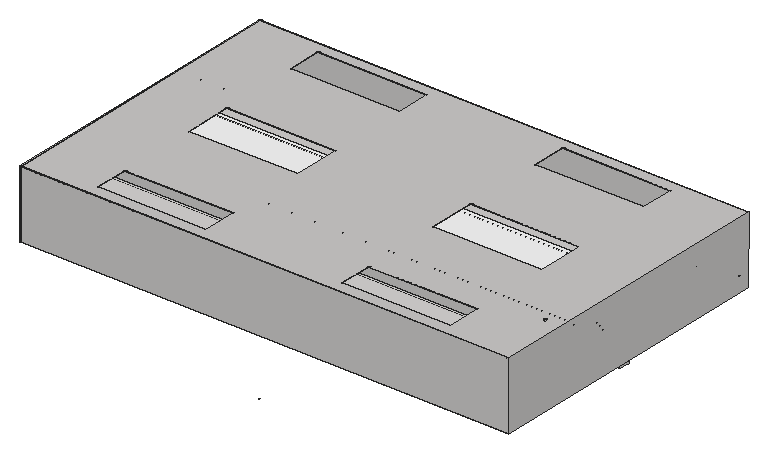
Revit family "QF_ELECTROLUXPROFESSIONAL_641270_STCF2236", category Attrezzature speciali, Revit 2021
Family settings
  Quota connettore circolare = Usa diametro
  Tipo di parte = Normale
  Basato su piano di lavoro = No
  Sempre verticale = Sì
  Taglio con vuoti quando caricato = No
  Condiviso = No
  Punto di calcolo locali = No
Parameters (values of type "Standard")
  Weight = 276.00 kg
  Watts = 640 W
  Volts = 220 V
  URL Manufacturer = "https://www.electroluxprofessional.com/"
  URL = "https://www.electroluxprofessional.com/"
  Steam Supply Size = 0 mm
  Steam Supply Minimum Pressure = 0.0 Pa
  Steam Supply Maximum Pressure = 0.0 Pa
  Steam Consumption per Hour = 0
  Refrigeration Suction Line Size = 0 mm
  Refrigeration Liquid Line Size = 0 mm
  Refrigerant Compressor Remote = yes
  Prospetto di default = 0 mm
  Produttore = "Electrolux Professional"
  Phase = 1
  Modello = "STCF2236"
  Length Actual = 3600 mm  # constant formula
  Item Number = "641270"
  Hot Water Size = 0 mm
  Height Actual = 500 mm  # constant formula
  HP = "0.9 HP"
  Gas Size = 0 mm
  Gas KW = 0
  Gas Input Pressure = 0 W
  Direct Waste Size = 0 mm
  Descrizione = "304 S/S ISLAND HOOD+FILT.+LAMP 3600X2200"
  Depth Actual = 2200 mm  # constant formula
  Cycle = 50 Hz
  Condensate Return Size = 0 mm
  Compressed Air Volume = 0.0 L/s
  Compressed Air Size = 0 mm
  Compressed Air Pressure = 0.0 Pa
  Cold Water Size = 0 mm
  Accessory = yes
Reference planes
  plane 1: z = 0
  plane 2 "Center (Left/Right)": x = 150
  plane 3 "LEFT": x = -1650
  plane 4 "RIGHT": x = 1950
  plane 5 "BACK": y = 550
  plane 6 "TOP": z = 2500
  plane 7 "Base": z = 2000
  plane 8: z = 1955
  plane 9: x = -1647
  plane 10 "DrainX": x = 1830
  plane 11 "AOLeft2": x = -350
  plane 12 "AORight1": x = 650
  plane 13: x = 1947
  plane 14: x = -1450
  plane 15: x = 1750
  plane 16 "Center (Front/Back)": y = -550
  plane 17 "Front": y = -1650
  plane 18 "AOLeft1": x = -1150
  plane 19 "AORight2": x = 1450
  plane 20 "EI_y": y = -1170
  plane 21 "EIx": x = 1830
  plane 22: y = 464
  plane 23: y = 214
  plane 24: y = -1564
  plane 25: y = -1314
  plane 26: y = -375
  plane 27: y = -725
Forms (mm)
  Extrusion 1, solid, material "QF_Finishes_Stainless Steel"
    sketch origin (-1650, 0, 360) x (0, 1, 0) y (0, 0, 1)
      loop
        line (550, 1640) -> (550, 2140) -> (-1650, 2140) -> (-1650, 1640) -> (550, 1640)
    from 0 to 3
  Extrusion 2, solid, material "QF_Finishes_Stainless Steel"
    sketch origin (1950, 0, 360) x (0, 1, 0) y (0, 0, 1)
      loop
        line (550, 1640) -> (550, 2140) -> (-1650, 2140) -> (-1650, 1640) -> (550, 1640)
    from 0 to -3
  Extrusion 3, solid, material "QF_Finishes_Stainless Steel"
    sketch origin (150, 0, 360) x (0, 1, 0) y (0, 0, 1)
      loop
        line (-1650, 2140) -> (-1650, 1640) -> (-1640, 1640) -> (-1640, 1640.8) -> (-1649.2, 1640.8) -> (-1649.2, 2139.19) -> (549.2, 2139.19) -> (549.2, 1640.8) -> (540, 1640.8) -> (540, 1640) -> (550, 1640) -> (550, 2140) -> (-1650, 2140)
    from -1800 to 1800
  Extrusion 4, solid, material "QF_Finishes_Stainless Steel"
    sketch origin (0, -840, 2000) x (0, 1, 0) y (-1, 0, 0)
      loop
        circle (290, -1830) r 4.763
    from -30 to 0
  Extrusion 5, void
    sketch origin (0, 0, 2500) x (0, 1, 0) y (-1, 0, 0)
      loop
        line (-1564, 350) -> (-1314, 350) -> (-1314, 1150) -> (-1564, 1150) -> (-1564, 350)
    from 0 to -10
  Extrusion 6, solid, material "QF_Finishes_Stainless Steel"
    sketch origin (0, 0, 0) x (1, 0, 0) y (0, 1, 0)
      loop
        line (-1650, 550) -> (-1650, 549) -> (-1649, 549) -> (-1649, 550) -> (-1650, 550)
    from 0 to 1
  Sweep 7, solid, material "QF_Finishes_Stainless Steel"
    path origin (0, 0, 0) x (1, 0, 0) y (0, 1, 0)
      loop
        line (1950, 550) -> (-1650, 550) -> (-1650, -1650) -> (1950, -1650) -> (1950, 550)
    profile origin (1950, -550, 0) x (1, 0, 0) y (0, 0, 1)
      loop
        line (-3, 2000) -> (-3, 2000.8) -> (-19, 2000.8) -> (-19, 2010) -> (-20, 2010) -> (-20, 2000) -> (-3, 2000)
  Extrusion 8, solid, material "QF_Finishes_Stainless Steel"
    sketch origin (150, -636.588, -19.176) x (0, 0.995194, 0.097925) y (0, -0.097925, 0.995194)
      loop
        line (214.66, 2095.469) -> (240.643, 2110.471) -> (61.744, 2411.771) -> (35.948, 2396.455) -> (214.66, 2095.469)
    from -1797 to -1600
  Extrusion 9, void
    sketch origin (1134.605, 0, 2500) x (0, 1, 0) y (-1, 0, 0)
      loop
        line (-1564, -315.395) -> (-1314, -315.395) -> (-1314, 484.605) -> (-1564, 484.605) -> (-1564, -315.395)
    from 0 to -10
  Extrusion 10, solid, material "QF_Finishes_Stainless Steel"
    sketch origin (1830, -840, 0) x (0, 1, 0) y (0, 0, 1)
      loop
        line (339, 2000) -> (241, 2000) -> (241, 1989) -> (248.5, 1989) -> (248.5, 1965)
        arc (248.5, 1965) -> (251.429, 1957.929) -> (258.5, 1955) r 10
        line (258.5, 1955) -> (321.5, 1955)
        arc (321.5, 1955) -> (328.571, 1957.929) -> (331.5, 1965) r 10
        line (331.5, 1965) -> (331.5, 1989) -> (339, 1989) -> (339, 2000)
    from 90 to -90
  Extrusion 11, solid, material "QF_Finishes_Stainless Steel"
    sketch origin (150, -636.588, -19.176) x (0, 0.995194, 0.097925) y (0, -0.097925, 0.995194)
      loop
        line (214.66, 2095.469) -> (240.643, 2110.471) -> (61.744, 2411.771) -> (35.948, 2396.455) -> (214.66, 2095.469)
    from 1600 to 1797
  Extrusion 12, solid, material "QF_Finished_Chrome"
    sketch origin (150, -636.588, -19.176) x (0, 0.995194, 0.097925) y (0, -0.097925, 0.995194)
      loop
        line (214.66, 2095.469) -> (240.643, 2110.471) -> (61.744, 2411.771) -> (35.948, 2396.455) -> (214.66, 2095.469)
    from -1600 to 1600
  Extrusion 13, void
    sketch origin (0, 1180, 2500) x (0, 1, 0) y (-1, 0, 0)
      loop
        line (-1555, 350) -> (-1555, 1150) -> (-1905, 1150) -> (-1905, 350) -> (-1555, 350)
    from 0 to -10
  Extrusion 14, void
    sketch origin (1600, 1180, 2500) x (0, 1, 0) y (-1, 0, 0)
      loop
        line (-1555, 150) -> (-1555, 950) -> (-1905, 950) -> (-1905, 150) -> (-1555, 150)
    from 0 to -10
  Extrusion 15, solid, material "QF_Finishes_Stainless Steel"
    sketch origin (0, 0, 2500) x (0, 1, 0) y (-1, 0, 0)
      loop
        circle (-1170, -1830) r 10
    from 0 to 1.6
  Extrusion 16, solid, material "QF_LAMPS"
    sketch origin (150, -267.149, 218.369) x (0, 0.987229, -0.159309) y (0, 0.159309, 0.987229)
      loop
        line (-1250.105, 1928.62) -> (-1096.231, 2053.226) -> (-1104.529, 2063.269) -> (-1258.575, 1938.524) -> (-1250.105, 1928.62)
    from 1797 to -1797
  Extrusion 17, solid, material "QF_Finishes_Stainless Steel"
    sketch origin (150, 0, 360) x (0, 1, 0) y (0, 0, 1)
      loop
        line (-1650, 2139.19) -> (-1650, 1640) -> (-1586.602, 1640) -> (-1499.146, 1690.493) -> (-1510.058, 1709.394) -> (-1566.564, 1676.77) -> (-1614.704, 1680.982) -> (-1649.2, 1730.248) -> (-1649.2, 2139.19) -> (-1650, 2139.19)
      loop
        line (-1194.054, 1961.505) -> (-1200.838, 1972.631) -> (-1186.477, 1980.7) -> (-1186.477, 2127.391) -> (-1085.664, 2127.391) -> (-1029.871, 2072.95) -> (-1022.281, 2060.013) -> (-919.435, 2120.351) -> (-919.902, 2121.003) -> (-1021.996, 2061.107) -> (-1029.236, 2073.448) -> (-1085.338, 2128.191) -> (-1187.277, 2128.191) -> (-1187.277, 1982.446) -> (-1586.208, 1744.533) -> (-1576.362, 1728.386) -> (-1194.054, 1961.505)
    from -1797 to 1797
  Extrusion 18, void
    sketch origin (0, 814, 2500) x (0, 1, 0) y (-1, 0, 0)
      loop
        line (-600, 350) -> (-350, 350) -> (-350, 1150) -> (-600, 1150) -> (-600, 350)
    from 0 to -10
  Extrusion 19, void
    sketch origin (1134.605, 814, 2500) x (0, 1, 0) y (-1, 0, 0)
      loop
        line (-600, -315.395) -> (-350, -315.395) -> (-350, 484.605) -> (-600, 484.605) -> (-600, -315.395)
    from 0 to -10
  Extrusion 20, solid, material "QF_Finishes_Stainless Steel"
    sketch origin (150, 0, 0) x (0, 1, 0) y (0, 0, 1)
      loop
        line (-628.158, 2087.242) -> (-603.769, 2104.716) -> (-811.314, 2387.05) -> (-835.486, 2369.281) -> (-628.158, 2087.242)
    from -1797 to -1600
  Extrusion 21, solid, material "QF_Finished_Chrome"
    sketch origin (150, 0, 0) x (0, 1, 0) y (0, 0, 1)
      loop
        line (-628.158, 2087.242) -> (-603.769, 2104.716) -> (-811.314, 2387.05) -> (-835.486, 2369.281) -> (-628.158, 2087.242)
    from -1600 to 1600
  Extrusion 22, solid, material "QF_Finishes_Stainless Steel"
    sketch origin (150, -870.88, 319.508) x (0, 0.995194, 0.097925) y (0, -0.097925, 0.995194)
      loop
        line (426.151, 1646.675) -> (483.9, 1640.993) -> (483.982, 1641.83) -> (426.613, 1647.475) -> (371.906, 1742.23) -> (414.858, 1734.657) -> (442.266, 1750.481) -> (442.266, 1765.943) -> (441.466, 1765.943) -> (441.466, 1750.943) -> (414.709, 1735.495) -> (321.153, 1751.991) -> (320.875, 1750.416) -> (371.4, 1741.507) -> (426.151, 1646.675)
      loop
        line (162.878, 2155.907) -> (242.893, 2017.316) -> (245.133, 2018.715) -> (240.13, 2027.381) -> (238.569, 2026.405) -> (163.571, 2156.307) -> (162.878, 2155.907)
    from -1797 to 1797
  Extrusion 23, solid, material "QF_Finishes_Stainless Steel"
    sketch origin (150, -463.412, -19.176) x (0, -0.995194, 0.097925) y (0, -0.097925, -0.995194)
      loop
        line (214.66, -2095.469) -> (35.948, -2396.455) -> (61.744, -2411.771) -> (240.643, -2110.471) -> (214.66, -2095.469)
    from 1600 to 1797
  Extrusion 24, solid, material "QF_Finishes_Stainless Steel"
    sketch origin (150, 0, 0) x (0, 1, 0) y (0, 0, 1)
      loop
        line (-471.842, 2087.242) -> (-264.514, 2369.281) -> (-288.686, 2387.05) -> (-496.231, 2104.716) -> (-471.842, 2087.242)
    from -1797 to -1600
  Extrusion 25, solid, material "QF_Finished_Chrome"
    sketch origin (150, 0, 0) x (0, 1, 0) y (0, 0, 1)
      loop
        line (-471.842, 2087.242) -> (-264.514, 2369.281) -> (-288.686, 2387.05) -> (-496.231, 2104.716) -> (-471.842, 2087.242)
    from -1600 to 1600
  Extrusion 26, solid, material "QF_Finishes_Stainless Steel"
    sketch origin (150, -229.12, 319.508) x (0, -0.995194, 0.097925) y (0, -0.097925, -0.995194)
      loop
        line (426.151, -1646.675) -> (371.4, -1741.507) -> (320.875, -1750.416) -> (321.153, -1751.991) -> (414.709, -1735.495) -> (441.466, -1750.943) -> (441.466, -1765.943) -> (442.266, -1765.943) -> (442.266, -1750.481) -> (414.858, -1734.657) -> (371.906, -1742.23) -> (426.613, -1647.475) -> (483.982, -1641.83) -> (483.9, -1640.993) -> (426.151, -1646.675)
      loop
        line (162.878, -2155.907) -> (163.571, -2156.307) -> (238.569, -2026.405) -> (240.13, -2027.381) -> (245.133, -2018.715) -> (242.893, -2017.316) -> (162.878, -2155.907)
    from -1797 to 1797
  Extrusion 27, solid, material "QF_LAMPS"
    sketch origin (150, -832.851, 218.369) x (0, -0.987229, -0.159309) y (0, 0.159309, -0.987229)
      loop
        line (-1250.105, -1928.62) -> (-1258.575, -1938.524) -> (-1104.529, -2063.269) -> (-1096.231, -2053.226) -> (-1250.105, -1928.62)
    from 1797 to -1797
  Extrusion 28, solid, material "QF_Finishes_Stainless Steel"
    sketch origin (150, -1100, 360) x (0, -1, 0) y (0, 0, -1)
      loop
        line (-1650, -2139.19) -> (-1649.2, -2139.19) -> (-1649.2, -1730.248) -> (-1614.704, -1680.982) -> (-1566.564, -1676.77) -> (-1510.058, -1709.394) -> (-1499.146, -1690.493) -> (-1586.602, -1640) -> (-1650, -1640) -> (-1650, -2139.19)
      loop
        line (-1194.054, -1961.505) -> (-1576.362, -1728.386) -> (-1586.208, -1744.533) -> (-1187.277, -1982.446) -> (-1187.277, -2128.191) -> (-1085.338, -2128.191) -> (-1029.236, -2073.448) -> (-1021.996, -2061.107) -> (-919.902, -2121.003) -> (-919.435, -2120.351) -> (-1022.281, -2060.013) -> (-1029.871, -2072.95) -> (-1085.664, -2127.391) -> (-1186.477, -2127.391) -> (-1186.477, -1980.7) -> (-1200.838, -1972.631) -> (-1194.054, -1961.505)
    from -1797 to 1797
Cuts and joins
  Extrusion 5, Extrusion 9, Extrusion 13, Extrusion 14, Extrusion 18, Extrusion 19 cuts Extrusion 3
  joined: Extrusion 2, Extrusion 3, Sweep 7
Lines and regions (mm)
  symbolic lines, style "SpecialityEquipment", detail levels coarse
    curve 1: line (1950, 550, 2500) -> (-1650, 550, 2500)
    curve 2: line (-1650, 550, 2500) -> (-1650, -1650, 2500)
    curve 3: line (1950, -1650, 2500) -> (1950, 550, 2500)
    curve 4: line (-1650, 550, 0) -> (1950, -1650, 0)
    curve 5: line (1950, 550, 0) -> (-1650, -1650, 0)
    curve 6: line (-1650, -1650, 0) -> (1950, -1650, 0)
  symbolic lines, detail levels coarse
    curve 7: line (-1150, 464, 2500) -> (-350, 464, 2500)
    curve 8: line (-1150, 214, 2500) -> (-1150, 464, 2500)
    curve 9: line (-350, 214, 2500) -> (-1150, 214, 2500)
    curve 10: line (-350, 464, 2500) -> (-350, 214, 2500)
    curve 11: line (650, 464, 2500) -> (1450, 464, 2500)
    curve 12: line (650, 214, 2500) -> (650, 464, 2500)
    curve 13: line (1450, 214, 2500) -> (650, 214, 2500)
    curve 14: line (1450, 464, 2500) -> (1450, 214, 2500)
    curve 15: line (-1150, -375, 2500) -> (-350, -375, 2500)
    curve 16: line (-1150, -725, 2500) -> (-1150, -375, 2500)
    curve 17: line (-350, -725, 2500) -> (-1150, -725, 2500)
    curve 18: line (-350, -375, 2500) -> (-350, -725, 2500)
    curve 19: line (650, -375, 2500) -> (1450, -375, 2500)
    curve 20: line (650, -725, 2500) -> (650, -375, 2500)
    curve 21: line (1450, -725, 2500) -> (650, -725, 2500)
    curve 22: line (1450, -375, 2500) -> (1450, -725, 2500)
    curve 23: line (-1150, -1314, 2500) -> (-350, -1314, 2500)
    curve 24: line (-1150, -1564, 2500) -> (-1150, -1314, 2500)
    curve 25: line (-350, -1564, 2500) -> (-1150, -1564, 2500)
    curve 26: line (-350, -1314, 2500) -> (-350, -1564, 2500)
    curve 27: line (650, -1314, 2500) -> (1450, -1314, 2500)
    curve 28: line (650, -1564, 2500) -> (650, -1314, 2500)
    curve 29: line (1450, -1564, 2500) -> (650, -1564, 2500)
    curve 30: line (1450, -1314, 2500) -> (1450, -1564, 2500)
Dimensions and locks
  plane 3 "LEFT" to plane 4 "RIGHT" = 3600 mm
  equal spacing: plane 3 "LEFT", plane 2 "Center (Left/Right)", plane 4 "RIGHT"
  plane 7 "Base" to plane 8 = 45 mm
  plane 3 "LEFT" to plane 9 = 3 mm
  plane 10 "DrainX" to plane 4 "RIGHT" = 120 mm
  plane 13 to plane 4 "RIGHT" = 3 mm
  plane 3 "LEFT" to plane 14 = 200 mm
  plane 15 to plane 4 "RIGHT" = 200 mm
  locked: plane 11 "AOLeft2" to plane 12 "AORight1" at 1000
  equal spacing: plane 11 "AOLeft2", plane 2 "Center (Left/Right)", plane 12 "AORight1"
  locked: plane 7 "Base" to level at 2000
  locked: plane 6 "TOP" to plane 7 "Base" at 500
  locked: plane 18 "AOLeft1" to plane 11 "AOLeft2" at 800
  locked: plane 12 "AORight1" to plane 19 "AORight2" at 800
  locked: plane 20 "EI_y" to plane 17 "Front" at 480
  locked: plane 21 "EIx" to plane 4 "RIGHT" at 120
  locked: plane 5 "BACK" to plane 22 at 86
  plane 22 to plane 23 = 250 mm
  locked: plane 24 to plane 17 "Front" at 86
  locked: plane 24 to plane 25 at 250
  plane 26 to plane 16 "Center (Front/Back)" = 175 mm
  plane 16 "Center (Front/Back)" to plane 27 = 175 mm
  plane 26 to plane 27 = 350 mm
  locked: plane 5 "BACK" to plane 17 "Front" at 2200
  plane 5 "BACK" to plane 16 "Center (Front/Back)" to plane 17 "Front" = 1100 mm, 1100 mm
  plane 5 "BACK" to plane 17 "Front" = 2200 mm
  aligned and locked: level to plane 1
  aligned and locked: plane 4 "RIGHT" to Extrusion 3
  aligned and locked: Extrusion 3 to plane 3 "LEFT"
  aligned and locked: Extrusion 2 to plane 13
  aligned and locked: Extrusion 8 to plane 9
  aligned and locked: plane 18 "AOLeft1" to Extrusion 5
  aligned and locked: Extrusion 5 to plane 11 "AOLeft2"
  aligned and locked: Extrusion 9 to plane 19 "AORight2"
  aligned and locked: plane 12 "AORight1" to Extrusion 9
  aligned and locked: plane 14 to Extrusion 8
  aligned and locked: plane 15 to Extrusion 11
  aligned and locked: plane 13 to Extrusion 11
  aligned and locked: Extrusion 12 to plane 14
  aligned and locked: Extrusion 12 to plane 15
  aligned and locked: plane 12 "AORight1" to Extrusion 14
  aligned and locked: plane 19 "AORight2" to Extrusion 14
  aligned and locked: Extrusion 13 to plane 18 "AOLeft1"
  aligned and locked: Extrusion 13 to plane 11 "AOLeft2"
  aligned and locked: plane 24 to Extrusion 5
  aligned and locked: Extrusion 5 to plane 25
  aligned and locked: Extrusion 9 to plane 25
  aligned and locked: plane 24 to Extrusion 9
  aligned and locked: Extrusion 18 to plane 18 "AOLeft1"
  aligned and locked: Extrusion 18 to plane 11 "AOLeft2"
  aligned and locked: plane 12 "AORight1" to Extrusion 19
  aligned and locked: plane 19 "AORight2" to Extrusion 19
  aligned and locked: plane 26 to Extrusion 13
  aligned and locked: Extrusion 13 to plane 27
  aligned and locked: plane 26 to Extrusion 14
  aligned and locked: Extrusion 14 to plane 27
  aligned and locked: plane 22 to Extrusion 18
  aligned and locked: Extrusion 18 to plane 23
  aligned and locked: plane 22 to Extrusion 19
  aligned and locked: Extrusion 19 to plane 23
  aligned and locked: Extrusion 17 to plane 9
  aligned and locked: Extrusion 16 to plane 9
  aligned and locked: Extrusion 16 to plane 13
  aligned and locked: Extrusion 17 to plane 13
  aligned and locked: Extrusion 28 to plane 9
  aligned and locked: Extrusion 27 to plane 9
  aligned and locked: Extrusion 26 to plane 9
  aligned and locked: plane 9 to Extrusion 20
  aligned and locked: Extrusion 22 to plane 9
  aligned and locked: plane 14 to Extrusion 20
  aligned and locked: Extrusion 25 to plane 14
  aligned and locked: plane 13 to Extrusion 22
  aligned and locked: plane 13 to Extrusion 26
  aligned and locked: plane 13 to Extrusion 28
  aligned and locked: Extrusion 23 to plane 13
  aligned and locked: plane 13 to Extrusion 27
  aligned and locked: Extrusion 21 to plane 14
  aligned and locked: Extrusion 21 to plane 15
  aligned and locked: plane 15 to Extrusion 23
  aligned and locked: Extrusion 25 to plane 15
  aligned and locked: plane 14 to Extrusion 24
  aligned and locked: Extrusion 24 to plane 9
Automatic sketch dimensions
  curve 6 to plane 3 "LEFT" = 0 mm
  curve 4 to plane 3 "LEFT" = 0 mm
  curve 5 to plane 4 "RIGHT" = 0 mm
  curve 6 to plane 4 "RIGHT" = 0 mm
  curve 4 to plane 17 "Front" = 0 mm
  curve 5 to plane 5 "BACK" = 0 mm
  curve 4 to plane 5 "BACK" = 0 mm
  Extrusion 1 sketch curve to plane 7 "Base" = 0 mm
  Extrusion 1 sketch curve to plane 17 "Front" = 0 mm
  Extrusion 1 sketch curve to plane 5 "BACK" = 0 mm
  Extrusion 1 sketch curve to plane 6 "TOP" = 0 mm
  Extrusion 2 sketch curve to plane 7 "Base" = 0 mm
  Extrusion 2 sketch curve to plane 17 "Front" = 0 mm
  Extrusion 2 sketch curve to plane 5 "BACK" = 0 mm
  Extrusion 2 sketch curve to plane 6 "TOP" = 0 mm
  Extrusion 3 sketch curve to plane 6 "TOP" = 0 mm
  Extrusion 3 sketch curve to plane 17 "Front" = 0 mm
  Extrusion 3 sketch curve to plane 7 "Base" = 0 mm  (x2)
  Extrusion 3 sketch curve to plane 5 "BACK" = 0 mm
  plane 17 "Front" to Extrusion 3 sketch curve = 0.8 mm
  Extrusion 3 sketch curve to Extrusion 3 sketch curve = 9.2 mm
  plane 7 "Base" to Extrusion 3 sketch curve = 0.8 mm  (x2)
  Extrusion 3 sketch curve to plane 5 "BACK" = 10 mm
  Extrusion 3 sketch curve to plane 5 "BACK" = 0.8 mm
  Extrusion 3 sketch curve to plane 6 "TOP" = 0.81 mm
  Extrusion 4 sketch curve to plane 10 "DrainX" = 0 mm
  Extrusion 4 sketch curve to plane 16 "Center (Front/Back)" = 0 mm
  Extrusion 5 sketch curve to plane 18 "AOLeft1" = 0 mm
  plane 24 to Extrusion 5 sketch curve = 0 mm
  Extrusion 5 sketch curve to plane 11 "AOLeft2" = 0 mm
  plane 25 to Extrusion 5 sketch curve = 0 mm
  Extrusion 6 sketch curve to plane 3 "LEFT" = 0 mm
  Extrusion 6 sketch curve to plane 5 "BACK" = 0 mm
  plane 3 "LEFT" to Extrusion 6 sketch curve = 1 mm
  Extrusion 6 sketch curve to Extrusion 6 sketch curve = 1 mm
  Sweep 7 sketch curve to plane 3 "LEFT" = 0 mm
  Sweep 7 sketch curve to plane 4 "RIGHT" = 0 mm
  Sweep 7 sketch curve to plane 17 "Front" = 0 mm
  Sweep 7 sketch curve to plane 5 "BACK" = 0 mm
  profile plane to Sweep 7 sketch curve = 20 mm
  Sweep 7 sketch curve to Sweep 7 sketch curve = 1 mm
  profile plane to Sweep 7 sketch curve = 3 mm
  level to Sweep 7 sketch curve = 2000 mm
  Sweep 7 sketch curve to Sweep 7 sketch curve = 0.8 mm
  Sweep 7 sketch curve to Sweep 7 sketch curve = 9.2 mm
  Extrusion 8 sketch curve to plane 27 = 110.486 mm
  Extrusion 8 sketch curve to plane 6 "TOP" = 130.719 mm
  Extrusion 8 sketch curve to Extrusion 8 sketch curve = 25.795 mm
  Extrusion 8 sketch curve to Extrusion 8 sketch curve = 178.712 mm
  Extrusion 8 sketch curve to Extrusion 8 sketch curve = 25.983 mm
  Extrusion 8 sketch curve to Extrusion 8 sketch curve = 285.985 mm
  Extrusion 8 sketch curve to Extrusion 8 sketch curve = 15.001 mm
  Extrusion 8 sketch curve to Extrusion 8 sketch curve = 15.316 mm
  Extrusion 9 sketch curve to plane 12 "AORight1" = 0 mm
  plane 24 to Extrusion 9 sketch curve = 0 mm
  Extrusion 9 sketch curve to plane 19 "AORight2" = 0 mm
  plane 25 to Extrusion 9 sketch curve = 0 mm
  Extrusion 10 sketch curve to plane 8 = 0 mm
  Extrusion 10 sketch curve to plane 7 "Base" = 11 mm  (x2)
  Extrusion 10 sketch curve to plane 16 "Center (Front/Back)" = 49 mm
  Extrusion 10 sketch curve to Extrusion 10 sketch curve = 7.5 mm  (x2)
  plane 8 to Extrusion 10 sketch curve = 10 mm
  plane 16 "Center (Front/Back)" to Extrusion 10 sketch curve = 31.5 mm
  Extrusion 10 sketch curve to Extrusion 10 sketch curve = 10 mm
  plane 7 "Base" to Extrusion 10 sketch curve = 0 mm
  Extrusion 11 sketch curve to plane 27 = 110.486 mm
  Extrusion 11 sketch curve to plane 6 "TOP" = 130.719 mm
  Extrusion 11 sketch curve to Extrusion 11 sketch curve = 25.795 mm
  Extrusion 11 sketch curve to Extrusion 11 sketch curve = 178.712 mm
  Extrusion 11 sketch curve to Extrusion 11 sketch curve = 25.983 mm
  Extrusion 11 sketch curve to Extrusion 11 sketch curve = 285.985 mm
  Extrusion 11 sketch curve to Extrusion 11 sketch curve = 15.001 mm
  Extrusion 11 sketch curve to Extrusion 11 sketch curve = 15.316 mm
  Extrusion 12 sketch curve to plane 27 = 110.486 mm
  Extrusion 12 sketch curve to plane 6 "TOP" = 130.719 mm
  Extrusion 12 sketch curve to Extrusion 12 sketch curve = 25.795 mm
  Extrusion 12 sketch curve to Extrusion 12 sketch curve = 178.712 mm
  Extrusion 12 sketch curve to Extrusion 12 sketch curve = 25.983 mm
  Extrusion 12 sketch curve to Extrusion 12 sketch curve = 285.985 mm
  Extrusion 12 sketch curve to Extrusion 12 sketch curve = 15.001 mm
  Extrusion 12 sketch curve to Extrusion 12 sketch curve = 15.316 mm
  Extrusion 13 sketch curve to plane 11 "AOLeft2" = 0 mm
  Extrusion 13 sketch curve to plane 27 = 0 mm
  Extrusion 13 sketch curve to plane 26 = 0 mm
  Extrusion 13 sketch curve to plane 18 "AOLeft1" = 0 mm
  Extrusion 14 sketch curve to plane 19 "AORight2" = 0 mm
  Extrusion 14 sketch curve to plane 27 = 0 mm
  Extrusion 14 sketch curve to plane 26 = 0 mm
  Extrusion 14 sketch curve to plane 12 "AORight1" = 0 mm
  Extrusion 15 sketch curve to plane 20 "EI_y" = 0 mm
  Extrusion 15 sketch curve to plane 21 "EIx" = 0 mm
  Extrusion 16 sketch curve to plane 20 "EI_y" = 30.826 mm
  Extrusion 16 sketch curve to plane 6 "TOP" = 167.362 mm
  Extrusion 16 sketch curve to Extrusion 16 sketch curve = 8.47 mm
  Extrusion 16 sketch curve to Extrusion 16 sketch curve = 154.047 mm
  Extrusion 16 sketch curve to Extrusion 16 sketch curve = 8.298 mm
  Extrusion 16 sketch curve to Extrusion 16 sketch curve = 9.904 mm
  Extrusion 16 sketch curve to Extrusion 16 sketch curve = 124.605 mm
  Extrusion 16 sketch curve to Extrusion 16 sketch curve = 10.043 mm
  Extrusion 17 sketch curve to plane 17 "Front" = 0 mm
  Extrusion 17 sketch curve to plane 7 "Base" = 0 mm
  plane 17 "Front" to Extrusion 17 sketch curve = 0.8 mm
  plane 17 "Front" to Extrusion 17 sketch curve = 35.296 mm
  plane 24 to Extrusion 17 sketch curve = 22.602 mm
  plane 24 to Extrusion 17 sketch curve = 22.208 mm
  plane 24 to Extrusion 17 sketch curve = 12.362 mm
  plane 24 to Extrusion 17 sketch curve = 2.564 mm
  Extrusion 17 sketch curve to plane 24 = 53.942 mm
  Extrusion 17 sketch curve to Extrusion 17 sketch curve = 10.912 mm
  Extrusion 17 sketch curve to plane 20 "EI_y" = 30.838 mm
  Extrusion 17 sketch curve to Extrusion 17 sketch curve = 6.784 mm
  Extrusion 17 sketch curve to Extrusion 17 sketch curve = 13.561 mm
  Extrusion 17 sketch curve to Extrusion 17 sketch curve = 0.8 mm  (x2)
  Extrusion 17 sketch curve to plane 6 "TOP" = 12.609 mm
  plane 20 "EI_y" to Extrusion 17 sketch curve = 84.336 mm
  Extrusion 17 sketch curve to Extrusion 17 sketch curve = 0.326 mm
  Extrusion 17 sketch curve to plane 6 "TOP" = 67.05 mm
  Extrusion 17 sketch curve to Extrusion 17 sketch curve = 55.793 mm
  Extrusion 17 sketch curve to plane 6 "TOP" = 66.552 mm
  Extrusion 17 sketch curve to Extrusion 17 sketch curve = 0.636 mm
  Extrusion 17 sketch curve to Extrusion 17 sketch curve = 7.59 mm
  Extrusion 17 sketch curve to plane 6 "TOP" = 78.893 mm
  Extrusion 17 sketch curve to Extrusion 17 sketch curve = 0.285 mm
  Extrusion 17 sketch curve to plane 6 "TOP" = 18.997 mm
  Extrusion 17 sketch curve to plane 6 "TOP" = 19.649 mm
  Extrusion 17 sketch curve to Extrusion 17 sketch curve = 0.467 mm
  plane 7 "Base" to Extrusion 17 sketch curve = 36.77 mm
  plane 7 "Base" to Extrusion 17 sketch curve = 40.982 mm
  plane 7 "Base" to Extrusion 17 sketch curve = 50.493 mm
  Extrusion 17 sketch curve to Extrusion 17 sketch curve = 18.901 mm
  Extrusion 17 sketch curve to Extrusion 17 sketch curve = 51.616 mm
  Extrusion 17 sketch curve to Extrusion 17 sketch curve = 49.266 mm
  Extrusion 17 sketch curve to Extrusion 17 sketch curve = 16.147 mm
  Extrusion 17 sketch curve to Extrusion 17 sketch curve = 165.885 mm
  Extrusion 17 sketch curve to Extrusion 17 sketch curve = 8.069 mm
  Extrusion 17 sketch curve to Extrusion 17 sketch curve = 1.746 mm
  Extrusion 17 sketch curve to Extrusion 17 sketch curve = 1.094 mm
  Extrusion 17 sketch curve to plane 6 "TOP" = 0.81 mm
  plane 18 "AOLeft1" to Extrusion 18 sketch curve = 0 mm
  Extrusion 18 sketch curve to plane 23 = 0 mm
  Extrusion 18 sketch curve to plane 11 "AOLeft2" = 0 mm
  Extrusion 18 sketch curve to plane 22 = 0 mm
  Extrusion 19 sketch curve to plane 12 "AORight1" = 0 mm
  Extrusion 19 sketch curve to plane 23 = 0 mm
  Extrusion 19 sketch curve to plane 19 "AORight2" = 0 mm
  Extrusion 19 sketch curve to plane 22 = 0 mm
  Extrusion 22 sketch curve to plane 6 "TOP" = 18.997 mm
  Extrusion 22 sketch curve to plane 27 = 194.902 mm
  Extrusion 22 sketch curve to Extrusion 22 sketch curve = 0.693 mm
  Extrusion 22 sketch curve to Extrusion 22 sketch curve = 74.998 mm
  Extrusion 22 sketch curve to Extrusion 22 sketch curve = 1.561 mm
  Extrusion 22 sketch curve to Extrusion 22 sketch curve = 4.324 mm
  Extrusion 22 sketch curve to Extrusion 22 sketch curve = 2.24 mm
  Extrusion 22 sketch curve to Extrusion 22 sketch curve = 77.982 mm
  Extrusion 22 sketch curve to Extrusion 22 sketch curve = 0.278 mm
  Extrusion 22 sketch curve to Extrusion 22 sketch curve = 50.525 mm
  Extrusion 22 sketch curve to Extrusion 22 sketch curve = 0.506 mm
  Extrusion 22 sketch curve to Extrusion 22 sketch curve = 42.803 mm
  Extrusion 22 sketch curve to Extrusion 22 sketch curve = 0.148 mm
  Extrusion 22 sketch curve to Extrusion 22 sketch curve = 11.294 mm
  Extrusion 22 sketch curve to Extrusion 22 sketch curve = 0.462 mm  (x2)
  Extrusion 22 sketch curve to Extrusion 22 sketch curve = 57.287 mm
  Extrusion 22 sketch curve to Extrusion 22 sketch curve = 0.082 mm
  Extrusion 22 sketch curve to Extrusion 22 sketch curve = 26.757 mm
  Extrusion 22 sketch curve to Extrusion 22 sketch curve = 0.8 mm
  Extrusion 22 sketch curve to Extrusion 22 sketch curve = 128.526 mm
  Extrusion 22 sketch curve to Extrusion 22 sketch curve = 0.975 mm
  Extrusion 22 sketch curve to Extrusion 22 sketch curve = 1.399 mm
  Extrusion 22 sketch curve to Extrusion 22 sketch curve = 252.773 mm
  Extrusion 22 sketch curve to Extrusion 22 sketch curve = 13.951 mm
  Extrusion 22 sketch curve to Extrusion 22 sketch curve = 15 mm
  Extrusion 22 sketch curve to Extrusion 22 sketch curve = 1.575 mm
  Extrusion 22 sketch curve to Extrusion 22 sketch curve = 0.723 mm
  Extrusion 22 sketch curve to Extrusion 22 sketch curve = 0.838 mm
  Extrusion 22 sketch curve to Extrusion 22 sketch curve = 87.182 mm
  Extrusion 22 sketch curve to Extrusion 22 sketch curve = 5.645 mm
  Extrusion 23 sketch curve to plane 26 = 110.486 mm
  plane 6 "TOP" to Extrusion 23 sketch curve = 130.719 mm
  Extrusion 23 sketch curve to Extrusion 23 sketch curve = 25.795 mm
  Extrusion 23 sketch curve to Extrusion 23 sketch curve = 178.712 mm
  Extrusion 23 sketch curve to Extrusion 23 sketch curve = 25.983 mm
  Extrusion 23 sketch curve to Extrusion 23 sketch curve = 285.985 mm
  Extrusion 23 sketch curve to Extrusion 23 sketch curve = 15.001 mm
  Extrusion 23 sketch curve to Extrusion 23 sketch curve = 15.316 mm
  Extrusion 26 sketch curve to plane 6 "TOP" = 18.997 mm
  plane 26 to Extrusion 26 sketch curve = 194.902 mm
  Extrusion 26 sketch curve to Extrusion 26 sketch curve = 0.693 mm
  Extrusion 26 sketch curve to Extrusion 26 sketch curve = 74.998 mm
  Extrusion 26 sketch curve to Extrusion 26 sketch curve = 1.561 mm
  Extrusion 26 sketch curve to Extrusion 26 sketch curve = 4.324 mm
  Extrusion 26 sketch curve to Extrusion 26 sketch curve = 2.24 mm
  Extrusion 26 sketch curve to Extrusion 26 sketch curve = 77.982 mm
  Extrusion 26 sketch curve to Extrusion 26 sketch curve = 0.278 mm
  Extrusion 26 sketch curve to Extrusion 26 sketch curve = 50.525 mm
  Extrusion 26 sketch curve to Extrusion 26 sketch curve = 0.506 mm
  Extrusion 26 sketch curve to Extrusion 26 sketch curve = 42.803 mm
  Extrusion 26 sketch curve to Extrusion 26 sketch curve = 0.148 mm
  Extrusion 26 sketch curve to Extrusion 26 sketch curve = 11.294 mm
  Extrusion 26 sketch curve to Extrusion 26 sketch curve = 0.462 mm  (x2)
  Extrusion 26 sketch curve to Extrusion 26 sketch curve = 57.287 mm
  Extrusion 26 sketch curve to Extrusion 26 sketch curve = 0.082 mm
  Extrusion 26 sketch curve to Extrusion 26 sketch curve = 26.757 mm
  Extrusion 26 sketch curve to Extrusion 26 sketch curve = 0.8 mm
  Extrusion 26 sketch curve to Extrusion 26 sketch curve = 0.4 mm
  Extrusion 26 sketch curve to Extrusion 26 sketch curve = 0.975 mm
  Extrusion 26 sketch curve to Extrusion 26 sketch curve = 1.399 mm
  Extrusion 26 sketch curve to Extrusion 26 sketch curve = 252.773 mm
  Extrusion 26 sketch curve to Extrusion 26 sketch curve = 13.951 mm
  Extrusion 26 sketch curve to Extrusion 26 sketch curve = 15 mm
  Extrusion 26 sketch curve to Extrusion 26 sketch curve = 1.575 mm
  Extrusion 26 sketch curve to Extrusion 26 sketch curve = 0.723 mm
  Extrusion 26 sketch curve to Extrusion 26 sketch curve = 0.838 mm
  Extrusion 26 sketch curve to Extrusion 26 sketch curve = 87.182 mm
  Extrusion 26 sketch curve to Extrusion 26 sketch curve = 5.645 mm
  plane 23 to Extrusion 27 sketch curve = 113.174 mm
  plane 6 "TOP" to Extrusion 27 sketch curve = 167.362 mm
  Extrusion 27 sketch curve to Extrusion 27 sketch curve = 8.47 mm
  Extrusion 27 sketch curve to Extrusion 27 sketch curve = 154.047 mm
  Extrusion 27 sketch curve to Extrusion 27 sketch curve = 8.298 mm
  Extrusion 27 sketch curve to Extrusion 27 sketch curve = 9.904 mm
  Extrusion 27 sketch curve to Extrusion 27 sketch curve = 124.605 mm
  Extrusion 27 sketch curve to Extrusion 27 sketch curve = 10.043 mm
  Extrusion 28 sketch curve to plane 5 "BACK" = 0 mm
  Extrusion 28 sketch curve to plane 7 "Base" = 0 mm
  Extrusion 28 sketch curve to Extrusion 28 sketch curve = 0.8 mm  (x3)
  plane 5 "BACK" to Extrusion 28 sketch curve = 35.296 mm
  Extrusion 28 sketch curve to plane 22 = 22.602 mm
  Extrusion 28 sketch curve to plane 22 = 22.208 mm
  Extrusion 28 sketch curve to plane 22 = 12.362 mm
  Extrusion 28 sketch curve to plane 22 = 2.564 mm
  plane 22 to Extrusion 28 sketch curve = 53.942 mm
  Extrusion 28 sketch curve to Extrusion 28 sketch curve = 10.912 mm
  plane 23 to Extrusion 28 sketch curve = 113.162 mm
  Extrusion 28 sketch curve to Extrusion 28 sketch curve = 6.784 mm
  Extrusion 28 sketch curve to Extrusion 28 sketch curve = 13.561 mm
  plane 6 "TOP" to Extrusion 28 sketch curve = 12.609 mm
  Extrusion 28 sketch curve to Extrusion 28 sketch curve = 100.813 mm
  Extrusion 28 sketch curve to Extrusion 28 sketch curve = 0.326 mm
  plane 6 "TOP" to Extrusion 28 sketch curve = 67.05 mm
  Extrusion 28 sketch curve to Extrusion 28 sketch curve = 55.793 mm
  plane 6 "TOP" to Extrusion 28 sketch curve = 66.552 mm
  Extrusion 28 sketch curve to Extrusion 28 sketch curve = 0.636 mm
  plane 6 "TOP" to Extrusion 28 sketch curve = 79.987 mm
  Extrusion 28 sketch curve to Extrusion 28 sketch curve = 7.59 mm
  plane 6 "TOP" to Extrusion 28 sketch curve = 78.893 mm
  Extrusion 28 sketch curve to Extrusion 28 sketch curve = 0.285 mm
  plane 6 "TOP" to Extrusion 28 sketch curve = 18.997 mm
  plane 6 "TOP" to Extrusion 28 sketch curve = 19.649 mm
  Extrusion 28 sketch curve to Extrusion 28 sketch curve = 0.467 mm
  Extrusion 28 sketch curve to plane 7 "Base" = 36.77 mm
  Extrusion 28 sketch curve to plane 7 "Base" = 40.982 mm
  Extrusion 28 sketch curve to plane 7 "Base" = 50.493 mm
  Extrusion 28 sketch curve to Extrusion 28 sketch curve = 18.901 mm
  Extrusion 28 sketch curve to Extrusion 28 sketch curve = 51.616 mm
  Extrusion 28 sketch curve to Extrusion 28 sketch curve = 49.266 mm
  Extrusion 28 sketch curve to Extrusion 28 sketch curve = 16.147 mm
  Extrusion 28 sketch curve to Extrusion 28 sketch curve = 165.885 mm
  Extrusion 28 sketch curve to Extrusion 28 sketch curve = 8.069 mm
  Extrusion 28 sketch curve to Extrusion 28 sketch curve = 1.746 mm
  plane 6 "TOP" to Extrusion 28 sketch curve = 0.81 mm
  Extrusion 21 sketch curve to plane 27 = 110.486 mm
  Extrusion 21 sketch curve to Extrusion 21 sketch curve = 24.172 mm
  Extrusion 21 sketch curve to plane 16 "Center (Front/Back)" = 78.158 mm
  Extrusion 21 sketch curve to Extrusion 21 sketch curve = 24.389 mm
  plane 7 "Base" to Extrusion 21 sketch curve = 87.242 mm
  Extrusion 21 sketch curve to Extrusion 21 sketch curve = 17.473 mm
  Extrusion 21 sketch curve to plane 6 "TOP" = 130.719 mm
  Extrusion 21 sketch curve to Extrusion 21 sketch curve = 17.769 mm
  Extrusion 20 sketch curve to plane 27 = 110.486 mm
  Extrusion 20 sketch curve to Extrusion 20 sketch curve = 24.172 mm
  Extrusion 20 sketch curve to plane 16 "Center (Front/Back)" = 78.158 mm
  Extrusion 20 sketch curve to Extrusion 20 sketch curve = 24.389 mm
  plane 7 "Base" to Extrusion 20 sketch curve = 87.242 mm
  Extrusion 20 sketch curve to Extrusion 20 sketch curve = 17.473 mm
  Extrusion 20 sketch curve to plane 6 "TOP" = 130.719 mm
  Extrusion 20 sketch curve to Extrusion 20 sketch curve = 17.769 mm
  plane 16 "Center (Front/Back)" to Extrusion 24 sketch curve = 53.769 mm
  Extrusion 24 sketch curve to Extrusion 24 sketch curve = 24.389 mm
  plane 26 to Extrusion 24 sketch curve = 86.314 mm
  Extrusion 24 sketch curve to Extrusion 24 sketch curve = 24.172 mm
  plane 7 "Base" to Extrusion 24 sketch curve = 87.242 mm
  Extrusion 24 sketch curve to Extrusion 24 sketch curve = 17.473 mm
  Extrusion 24 sketch curve to plane 6 "TOP" = 130.719 mm
  Extrusion 24 sketch curve to Extrusion 24 sketch curve = 17.769 mm
  plane 16 "Center (Front/Back)" to Extrusion 25 sketch curve = 53.769 mm
  Extrusion 25 sketch curve to Extrusion 25 sketch curve = 24.389 mm
  plane 26 to Extrusion 25 sketch curve = 86.314 mm
  Extrusion 25 sketch curve to Extrusion 25 sketch curve = 24.172 mm
  plane 7 "Base" to Extrusion 25 sketch curve = 87.242 mm
  Extrusion 25 sketch curve to Extrusion 25 sketch curve = 17.473 mm
  Extrusion 25 sketch curve to plane 6 "TOP" = 130.719 mm
  Extrusion 25 sketch curve to Extrusion 25 sketch curve = 17.769 mm
  curve 2 to plane 3 "LEFT" = 0 mm
  curve 2 to plane 17 "Front" = 0 mm
  curve 3 to plane 4 "RIGHT" = 0 mm
  curve 3 to plane 17 "Front" = 0 mm
  curve 29 to plane 12 "AORight1" = 0 mm
  plane 24 to curve 29 = 0 mm
  curve 25 to plane 11 "AOLeft2" = 0 mm
  plane 24 to curve 25 = 0 mm
  plane 25 to curve 26 = 0 mm
  plane 25 to curve 28 = 0 mm
  curve 22 to plane 19 "AORight2" = 0 mm
  curve 22 to plane 27 = 0 mm
  curve 18 to plane 11 "AOLeft2" = 0 mm
  curve 18 to plane 27 = 0 mm
  curve 16 to plane 18 "AOLeft1" = 0 mm
  curve 16 to plane 26 = 0 mm
  curve 19 to plane 12 "AORight1" = 0 mm
  curve 19 to plane 26 = 0 mm
  curve 13 to plane 12 "AORight1" = 0 mm
  curve 13 to plane 23 = 0 mm
  curve 9 to plane 11 "AOLeft2" = 0 mm
  curve 9 to plane 23 = 0 mm
  curve 10 to plane 22 = 0 mm
  curve 12 to plane 22 = 0 mm
  curve 2 to plane 5 "BACK" = 0 mm
  curve 27 to plane 19 "AORight2" = 0 mm
  curve 14 to plane 19 "AORight2" = 0 mm
  curve 7 to plane 18 "AOLeft1" = 0 mm
  curve 24 to plane 18 "AOLeft1" = 0 mm
  radius of Extrusion 4 sketch curve = 4.763 mm
  radius of Extrusion 15 sketch curve = 10 mm
Connectors
  piping at (1830, -550, 1970), diameter 9.5
    settings: on Extrusion 4, index 1, connector inside diameter 609.6 mm, connector length 0 mm, flow factor 0, pipe flow 0.0 L/s, pressure drop 0.0 Pa, fitting loss kfactor 0, connector angle 0.00°, fixture units 0, engagement length 0 mm, angle of deflection 0.00°, flow configuration 1, flow direction 2, fitting loss method 0, system type 16, joint type 0, gender type 0, connector reference index -1, connector utility 0, adjustable connector no, is connector primary yes, connector description "Drain"
  hvac at (-750, -1439, 2500)
    settings: on Extrusion 5, index 2, duct flow 0.0 L/s, flow factor 0, pres drop 0.0 Pa, loss coef 0, conn angle 0.00°, conn width 250 mm, conn height 800 mm, conn diameter 609.6 mm, duct sys type 1, conn prof type 1, flow config 1, flow direction 1, loss method 0, conn ref index -1, conn util no, is conn primary yes, conn desc "AIR INLET"
  hvac at (1050, -1439, 2500)
    settings: on Extrusion 9, index 3, duct flow 0.0 L/s, flow factor 0, pres drop 0.0 Pa, loss coef 0, conn angle 0.00°, conn width 250 mm, conn height 800 mm, conn diameter 609.6 mm, duct sys type 1, conn prof type 1, flow config 1, flow direction 1, loss method 0, conn ref index -1, conn util no, is conn primary no, conn desc "AIR INLET"
  hvac at (-750, -550, 2500)
    settings: on Extrusion 13, index 4, duct flow 0.0 L/s, flow factor 0, pres drop 0.0 Pa, loss coef 0, conn angle 0.00°, conn width 350 mm, conn height 800 mm, conn diameter 609.6 mm, duct sys type 3, conn prof type 1, flow config 1, flow direction 2, loss method 0, conn ref index -1, conn util no, is conn primary no, conn desc "EXHAUST OUTLET"
  hvac at (1050, -550, 2500)
    settings: on Extrusion 14, index 5, duct flow 0.0 L/s, flow factor 0, pres drop 0.0 Pa, loss coef 0, conn angle 0.00°, conn width 350 mm, conn height 800 mm, conn diameter 609.6 mm, duct sys type 3, conn prof type 1, flow config 1, flow direction 2, loss method 0, conn ref index -1, conn util no, is conn primary no, conn desc "EXHAUST OUTLET"
  electrical at (1830, -1170, 2501.6), driven by "Volts"
    settings: on Extrusion 15, index 6, voltage 220 V, apparent load 0 VA, apparent load phase1 0 VA, apparent load phase2 0 VA, apparent load phase3 0 VA, power factor 1, load classification "Other", number of poles 1, system type 30, power factor state 1, is connector primary yes, connector utility no, sub classification motor no, connector description "Electrical Connection"
  hvac at (-750, 339, 2500)
    settings: on Extrusion 18, index 7, duct flow 0.0 L/s, flow factor 0, pres drop 0.0 Pa, loss coef 0, conn angle 0.00°, conn width 250 mm, conn height 800 mm, conn diameter 609.6 mm, duct sys type 1, conn prof type 1, flow config 1, flow direction 1, loss method 0, conn ref index -1, conn util no, is conn primary no, conn desc "AIR INLET"
  hvac at (1050, 339, 2500)
    settings: on Extrusion 19, index 8, duct flow 0.0 L/s, flow factor 0, pres drop 0.0 Pa, loss coef 0, conn angle 0.00°, conn width 250 mm, conn height 800 mm, conn diameter 609.6 mm, duct sys type 1, conn prof type 1, flow config 1, flow direction 1, loss method 0, conn ref index -1, conn util no, is conn primary no, conn desc "AIR INLET"
